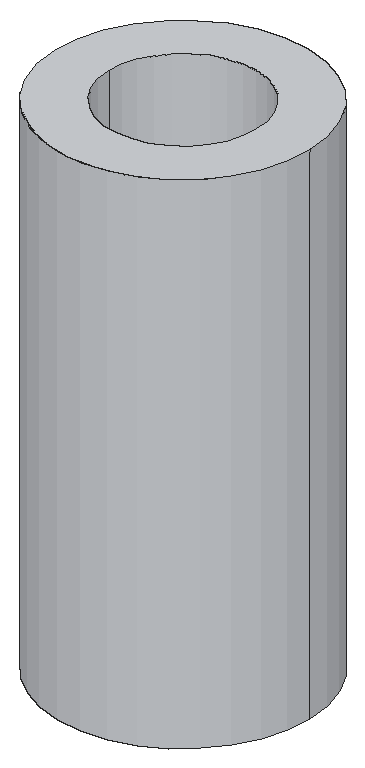
Revit family "Gewindebolzen", category HLS-Bauteile, Revit 2017
Family settings
  Bemaßung runder Anschluss = Durchmesser verwenden
  Teiletyp = Normal
  Arbeitsebenenbasiert = Ja
  Immer vertikal = Nein
  Beim Laden mit Abzugskörper schneiden = Nein
  Gemeinsam genutzt = Ja
  Raumberechnungspunkt = Nein
Parameters (values of type "Gewindebolzen M 8x13")
  vpe = "100 St"
  Default Elevation = 1219.2 mm
  Schlüsselweite = ""
  Regelhalter [instance] = ""
  Oberflaeche = "galvanisch verzinkt"
  Mengeneinheit = "St"
  Material = "Stahl"
  Länge = 13 mm
  Kurztext2 = "M8 x 13 mm gvz"
  Kurztext1 = "Gewindebolzen"
  Gewinde = "M8"
  Gewicht pro Bauteil = Gewicht  # 0.0048 kg
  Gewicht = 0.0048 kg
  Form Kopf = ""
  Firma = "MEFA Befestigungs- und Montagesysteme GmbH"
  Festigkeitsklasse = ""
  Fabrikat = "MEFA"
  EAN = "4250928417404"
  Dübeltyp = ""
  Durchmesser Kopf = ""
  D0 = 3.8 mm
  D = 6.5 mm
  Artikelnummer = "0766151"
  Antriebsgröße = ""
  Antrieb = ""
Types (7, lengths in mm): name | Länge | Kurztext2 | Gewicht pro Bauteil | Gewicht | EAN | Artikelnummer
  (no name) | 13 | "M8 x 13 mm gvz" | 0.0048 kg | 0.0048 kg | "4250928417404" | "0766151"
  Gewindebolzen M 8x13 | 13 | "M8 x 13 mm gvz" | 0.0048 kg | 0.0048 kg | "4250928417404" | "0766151"
  Gewindebolzen M 8x25 | 25 | "M8 x 25 mm gvz" | 0.0085 kg | 0.0085 kg | "4250928417411" | "0766259"
  Gewindebolzen M 8x35 | 35 | "M8 x 35 mm gvz" | 0.0116 kg | 0.0116 kg | "4250928417428" | "0766356"
  Gewindebolzen M 8x45 | 45 | "M8 x 45 mm gvz" | 0.0147 kg | 0.0147 kg | "4250928417435" | "0766453"
  Gewindebolzen M 8x55 | 55 | "M8 x 55 mm gvz" | 0.0179 kg | 0.0179 kg | "4250928417442" | "0766550"
  Gewindebolzen M 8x65 | 65 | "M8 x 65 mm gvz" | 0.021 kg | 0.021 kg | "4250928417459" | "0766658"
Reference planes
  plane 1 "Mitte (Vorne/hinten)": y = 0
  plane 2: z = 0
  plane 3 "Mitte (Links/rechts)": x = 0
  plane 4: z = 13
Forms (mm)
  Extrusion 1, solid
    sketch origin (0, 0, 0) x (1, 0, 0) y (0, 1, 0)
      loop
        circle (0, 0) r 3.25
    from 0 to 13
  Extrusion 2, void
    sketch origin (0, 0, 0) x (1, 0, 0) y (0, 1, 0)
      loop
        circle (0, 0) r 1.9
    from 0 to 13
Cuts and joins
  Extrusion 2 cuts Extrusion 1
Lines and regions (mm)
  model lines, not visible
    curve 1: line (9.299, 0, 13) -> (-10.701, 0, 13)
    curve 2: line (0, 10, 13) -> (0, -10, 13)
    curve 3: line (0, 10, 0) -> (0, -10, 0)
    curve 4: line (10.049, 0, 0) -> (-9.951, 0, 0)
    curve 5: line (0, 0, 25) -> (0, 0, -10)
Dimensions and locks
  "Länge": level to plane 4
  "D": diameter of Extrusion 1 sketch curve
  "D0": diameter of Extrusion 2 sketch curve
  aligned and locked: level to plane 2
  aligned and locked: Extrusion 1 to level
  aligned and locked: Extrusion 1 to curve 1
  aligned and locked: plane 4 to Extrusion 1
  aligned and locked: curve 2 to plane 4
  aligned and locked: curve 3 to level
  aligned and locked: curve 4 to level
  aligned and locked: plane 3 "Mitte (Links/rechts)" to curve 5
  aligned and locked: curve 5 to plane 1 "Mitte (Vorne/hinten)"
  aligned and locked: Extrusion 1 to Extrusion 2
  aligned and locked: Extrusion 2 to level
Automatic sketch dimensions
  plane 1 "Mitte (Vorne/hinten)" to curve 2 = 10 mm
  plane 1 "Mitte (Vorne/hinten)" to curve 3 = 10 mm
  curve 3 to plane 1 "Mitte (Vorne/hinten)" = 10 mm
  curve 2 to plane 1 "Mitte (Vorne/hinten)" = 10 mm
  plane 1 "Mitte (Vorne/hinten)" to Extrusion 1 sketch curve = 0 mm
  Extrusion 1 sketch curve to plane 3 "Mitte (Links/rechts)" = 0 mm
  plane 1 "Mitte (Vorne/hinten)" to Extrusion 2 sketch curve = 0 mm
  Extrusion 2 sketch curve to plane 3 "Mitte (Links/rechts)" = 0 mm
  curve 4 to plane 3 "Mitte (Links/rechts)" = 9.951 mm
  curve 1 to plane 3 "Mitte (Links/rechts)" = 10.701 mm
  plane 3 "Mitte (Links/rechts)" to curve 1 = 9.299 mm
  plane 3 "Mitte (Links/rechts)" to curve 4 = 10.049 mm
  curve 5 to level = 10 mm
  plane 4 to curve 5 = 12 mm
